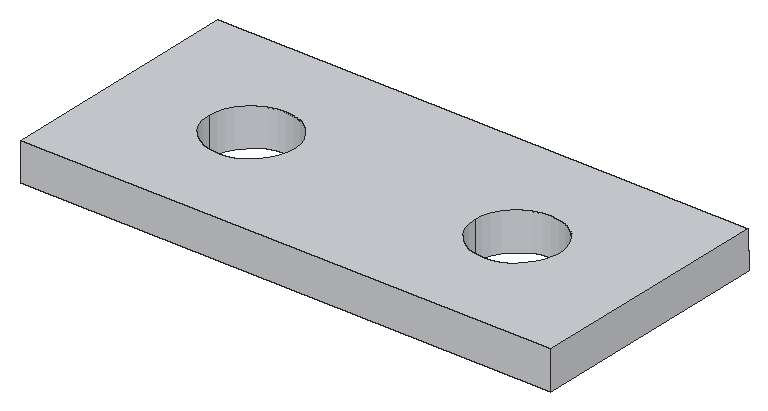
Revit family "Fitting-Flat_Plate-Unistrut-P1065", category Specialty Equipment, Revit 2012
Parameters (values of type "See Type Catalog")
  ecoScorecard_data = "http://products.ecoscorecard.com/atkore/P1065"
  ecoScorecard Product Page = "http://products.ecoscorecard.com/atkore/P1065?action=html"
  Weight Per Piece = 0.38 lbf
  Unit = none
  Unistrut Part Number = "P1065"  # constant formula
  URL = "http://unistrut.us/index.php"
  Thickness = 0' - 0 1/4"  # constant formula
  Subcategory = "Flat Plate Fittings"  # constant formula
  Product Page URL = "http://unistrut.us/index.php?WP=cat_detail&S=S05&P=P1065"
  Power Strut Part Number = "PS 601"  # constant formula
  Part Type = "Fitting"  # constant formula
  Overall Width = 0' - 1 5/8"  # constant formula
  Overall Length = 0' - 3 1/2"  # constant formula
  Model = "P1065"  # constant formula
  Material = ""
  Manufacturer Phone - Toll Free = "800-882-5543"  # constant formula
  Manufacturer Phone = "708-339-1610"  # constant formula
  Manufacturer Fax = "708-339-7814"  # constant formula
  Manufacturer Email = "mailto:jshaw@atkore.com"
  Manufacturer Address = "16100 South Lathrop Avenue, Harvey, IL 60426"  # constant formula
  Manufacturer = "Unistrut by Atkore International"  # constant formula
  Load Capacity Note = "Visit the product page for load application and capacity."  # constant formula
  Literature URL = "http://unistrut.us/index.php?WP=LItLibrary"
  Hole Diameter = 0' - 0 9/16"
  Cost Info = "mailto:jshaw@atkore.com"
  Category = "Specialty Equipment"  # constant formula
  CAD URL = "http://unistrut.us/index.php?WP=CAD3d"
  Assembly Code = "D5020100"
  95 CSI = "16070"  # constant formula
  04 CSI = "26 05 48"  # constant formula
Reference planes (in)
  plane 1 "Center (Front/Back)": y = 0
  plane 2: z = 0
  plane 3 "Center (Left/Right)": x = 0
  plane 4: y = 0.8125
  plane 5: y = -0.8125
  plane 6: x = -1.75
  plane 7: x = 1.75
  plane 8: z = 0.25
  plane 9: x = 0.875
  plane 10: x = -0.875
Dimensions and locks (in)
  equal spacing: plane 6, plane 3 "Center (Left/Right)", plane 7
  "Overall Length": plane 6 to plane 7
  equal spacing: plane 4, plane 1 "Center (Front/Back)", plane 5
  "Overall Width": plane 4 to plane 5
  "Thickness": plane 8 to plane 2
  aligned and locked: level to plane 2
  aligned and locked: plane 3 "Center (Left/Right)" to nested 1
  aligned and locked: plane 1 "Center (Front/Back)" to nested 1
Nested families (in)
  nested 1: "P105" at (0, 0, 0), type "P105"
Definition of nested family "P105"
  Parameters (values of type "P105")
    Width = 0' - 1 5/8"
    Unit = none
    Thickness = 0' - 0 1/4"
    Radiuis = Diameter / 2  # 0' - 0 9/32"
    Length = 0' - 3 1/2"
    Diameter = 0' - 0 9/16"
  Reference planes (in)
    plane 1 "Center (Front/Back)": y = 0
    plane 2: z = 0
    plane 3 "Center (Left/Right)": x = 0
    plane 4: y = 0.8125
    plane 5: y = -0.8125
    plane 6: x = -1.75
    plane 7: x = 1.75
    plane 8: z = 0.25
    plane 9: x = -0.875
    plane 10: x = 0.875
    plane 11: z = 0.125
  Forms (in)
    Extrusion 1, solid, material <- "Unit"
      sketch origin (0, 0, 0) x (1, 0, 0) y (0, 1, 0)
        loop
          line (-1.75, 0.8125) -> (-1.75, -0.8125) -> (1.75, -0.8125) -> (1.75, 0.8125) -> (-1.75, 0.8125)
        loop
          circle (-0.875, 0) r 0.28125
        loop
          circle (0.875, 0) r 0.28125
      from 0 to 0.25
  Dimensions and locks (in)
    equal spacing: plane 6, plane 3 "Center (Left/Right)", plane 7
    "Length": plane 6 to plane 7
    equal spacing: plane 4, plane 1 "Center (Front/Back)", plane 5
    "Width": plane 4 to plane 5
    "Thickness": plane 8 to plane 2
    equal spacing: plane 8, plane 11, plane 2
    locked: plane 9 to plane 6 at 0.875
    locked: plane 10 to plane 7 at 0.875
    equal spacing: plane 10, plane 3 "Center (Left/Right)", plane 9
    "Radiuis": radius of Extrusion 1 sketch curve  (x2)
    aligned and locked: level to plane 2
    aligned and locked: Extrusion 1 sketch curve to plane 4
    aligned and locked: Extrusion 1 sketch curve to plane 6
    aligned and locked: plane 5 to Extrusion 1 sketch curve
    aligned and locked: plane 7 to Extrusion 1 sketch curve
    aligned and locked: plane 9 to Extrusion 1 sketch curve
    aligned and locked: plane 1 "Center (Front/Back)" to Extrusion 1 sketch curve  (x2)
    aligned and locked: plane 10 to Extrusion 1 sketch curve
    aligned and locked: Extrusion 1 to level
    aligned and locked: plane 8 to Extrusion 1
